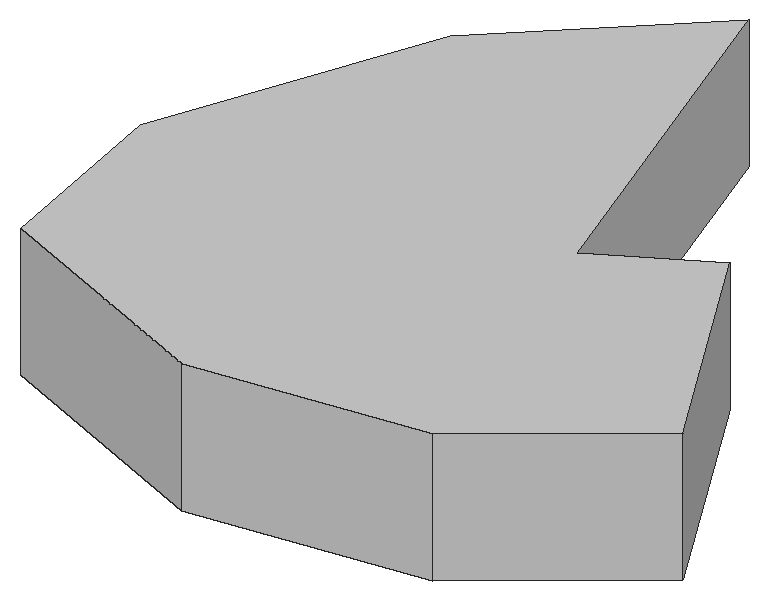
Revit family "BHE_StructuralFoundations_FreeForm", category Structural Foundations, Revit 2024
Family settings
  Material for Model Behavior = Concrete
  Cap = No
  Work Plane-Based = Yes
  Always vertical = Yes
  Cut with Voids When Loaded = No
  Shared = No
  Show family pre-cut in plan views = Yes
Parameters (values of type "1000x1000x200 DP")
  Width = BHE_Width  # 1000 mm
  Volume = 0.50 m³
  Structural Material [instance] = none
  Reinforcement Specs [instance] = ""
  Pad Type = "P1"
  Mesh [instance] = ""
  Length = BHE_Length  # 1000 mm
  Foundation Thickness = BHE_Depth  # 200 mm
  Default Elevation = 1219.2 mm
  BHE_Width = 1000 mm
  BHE_Length = 1000 mm
  BHE_Depth = 200 mm
Reference planes
  plane 1 "Center (Front/Back)": y = 0
  plane 2: z = 0
  plane 3 "Center (Left/Right)": x = 0
  plane 4: x = -500
  plane 5: x = 500
  plane 6: y = 500
  plane 7: y = -500
  plane 8: z = -200
Forms (mm)
  Extrusion 1, solid, material <- "Structural Material"
    sketch origin (0, 0, 0) x (1, 0, 0) y (0, 1, 0)
      loop
        line (-220.019, 1104.137) -> (135.8, 967.55) -> (476.005, 1021.434) -> (707.091, 1208.564) -> (491.95, 1566.619) -> (335.955, 1472.888) -> (139.993, 2042.002) -> (-112.087, 1789.921) -> (-265.385, 1390.566) -> (-220.019, 1104.137)
    from -200 to 0
Dimensions and locks
  equal spacing: plane 4, plane 3 "Center (Left/Right)", plane 5
  "Width": plane 4 to plane 5
  equal spacing: plane 7, plane 1 "Center (Front/Back)", plane 6
  "Length": plane 7 to plane 6
  "Foundation Thickness": plane 2 to plane 8
  aligned and locked: Extrusion 1 to plane 8
  aligned and locked: plane 2 to Extrusion 1
Automatic sketch dimensions
  plane 4 to Extrusion 1 sketch curve = 234.615 mm
  Extrusion 1 sketch curve to plane 3 "Center (Left/Right)" = 220.019 mm
  Extrusion 1 sketch curve to plane 3 "Center (Left/Right)" = 112.087 mm
  plane 3 "Center (Left/Right)" to Extrusion 1 sketch curve = 135.8 mm
  plane 3 "Center (Left/Right)" to Extrusion 1 sketch curve = 139.993 mm
  plane 5 to Extrusion 1 sketch curve = 23.995 mm
  plane 5 to Extrusion 1 sketch curve = 8.05 mm
  Extrusion 1 sketch curve to plane 5 = 207.091 mm
  plane 6 to Extrusion 1 sketch curve = 467.55 mm
  Extrusion 1 sketch curve to Extrusion 1 sketch curve = 53.883 mm
  Extrusion 1 sketch curve to Extrusion 1 sketch curve = 136.586 mm
  Extrusion 1 sketch curve to Extrusion 1 sketch curve = 187.13 mm
  Extrusion 1 sketch curve to Extrusion 1 sketch curve = 286.43 mm
  Extrusion 1 sketch curve to Extrusion 1 sketch curve = 358.055 mm
  Extrusion 1 sketch curve to Extrusion 1 sketch curve = 399.355 mm
  Extrusion 1 sketch curve to Extrusion 1 sketch curve = 252.081 mm
  plane 5 to Extrusion 1 sketch curve = 164.045 mm
